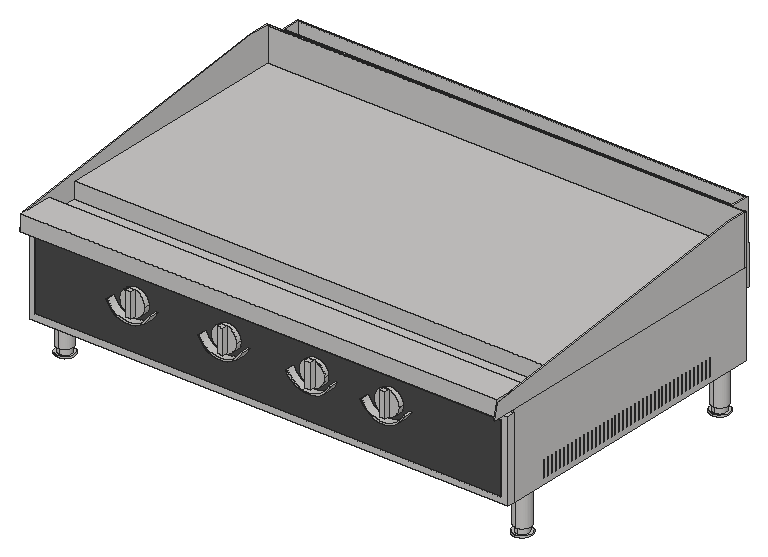
Revit family "QF_Vollrath_948GGT", category Specialty Equipment, Revit 2016
Family settings
  Part Type = Normal
  Round Connector Dimension = Use Diameter
  OmniClass Number = 23.40.40.14.17.21
  OmniClass Title = Grills
  Work Plane-Based = No
  Always vertical = Yes
  Cut with Voids When Loaded = No
  Shared = No
  Room Calculation Point = No
Parameters (values of type "948GGT")
  Width = 48.00"
  Weight in Pounds = 600
  Watermarked By = "http://revitwatermark.com"
  URL Cutsheet = ""
  URL = ""
  Status [instance] = ""
  Specification by User [instance] = ""
  Specification by Manufacturer [instance] = ""
  Serial Number [instance] = ""
  Seismic Rating [instance] = ""
  Revision Code [instance] = ""
  NAFEM Spec ID Number [instance] = ""
  Model = "948GGT"
  Mechanical Remarks [instance] = ""
  Mechanical Connection Type [instance] = ""
  Masterspec [instance] = ""
  Manufacturer = "Vollrath"
  Length = 31.00"
  Item Number [instance] = "-"
  Installed By [instance] = ""
  Height AFF [instance] = 36.00"
  Gas Size = 3/4"
  Gas RI Height [instance] = 0.00"
  Gas Input = 120000.0 Btu/h
  Gas Connection Height [instance] = Height AFF + 5.375"  # 41.375"
  Furnished By [instance] = ""
  Foodservice Equipment Identifier [instance] = yes
  Description = "Heavy-Duty Flat Top Gas Griddle Thermostatically Controlled"
  CSI MasterFormat = "11 44 00"
  Assembly Code = "E1090320"
Reference planes (in)
  plane 1: z = 0
  plane 2 "BOTTOM": z = 36
  plane 3 "LEFT CLEARANCE": x = -30.72076
  plane 4 "RIGHT CLEARANCE": x = 29.27924
  plane 5 "BACK CLEARANCE": y = 6
  plane 6 "Top of Legs": z = 40
  plane 7 "LEFT": x = -24.72076
  plane 8 "RIGHT": x = 23.27924
  plane 9 "BACK": y = 0
  plane 10: z = 39.75
  plane 11: z = 39.5
  plane 12: z = 41.5
  plane 13: y = -0.125
  plane 14: x = -24.59576
  plane 15 "Grease Trap": z = 48.38
  plane 16 "TOP": z = 53.38
  plane 17: y = -54.1
  plane 18: z = 37.04079
  plane 19: y = 1.5
  plane 20: z = 45.25
  plane 21: z = 45.4229
  plane 22: z = 50.005
  plane 23 "FRONT": y = -33
  plane 24: y = -29.62
  plane 25: y = -26.37
  plane 26: x = 23.15424
  plane 27: x = 22.53171
  plane 28: x = -0.72076
  plane 29: x = 21.9365
  plane 30: x = -0.72076
  plane 31: x = -12.72076
  plane 32: x = -6.22076
Forms (in)
  Extrusion 1, solid, material "QF_Finishes_Stainless Steel"
    sketch origin (0, -2, 36) x (0, 1, 0) y (-1, 0, 0)
      loop
        circle (-2, 23.59576) r 0.9375
    from 0 to 0.125
  Extrusion 2, solid, material "QF_Finishes_Stainless Steel"
    sketch origin (0, -2, 36) x (0, 1, 0) y (-1, 0, 0)
      loop
        circle (-2, 23.59576) r 0.625
    from 0.125 to 0.75
  Extrusion 3, solid, material "QF_Finishes_Stainless Steel"
    sketch origin (0, -2, 36) x (0, 1, 0) y (-1, 0, 0)
      loop
        circle (-2, 23.59576) r 0.8125
    from 0.75 to 4
  Extrusion 4, solid, material "QF_Finishes_Stainless Steel"
    sketch origin (33.375, -2, 36) x (0, 1, 0) y (-1, 0, 0)
      loop
        circle (-2, 11.09576) r 0.9375
    from 0 to 0.125
  Extrusion 5, solid, material "QF_Finishes_Stainless Steel"
    sketch origin (33.375, -2, 36) x (0, 1, 0) y (-1, 0, 0)
      loop
        circle (-2, 11.09576) r 0.625
    from 0.125 to 0.75
  Extrusion 6, solid, material "QF_Finishes_Stainless Steel"
    sketch origin (33.375, -2, 36) x (0, 1, 0) y (-1, 0, 0)
      loop
        circle (-2, 11.09576) r 0.8125
    from 0.75 to 4
  Extrusion 7, solid, material "QF_Finishes_Stainless Steel"
    sketch origin (33.375, -27.75, 36) x (0, 1, 0) y (-1, 0, 0)
      loop
        circle (-1, 11.09576) r 0.9375
    from 0 to 0.125
  Extrusion 8, solid, material "QF_Finishes_Stainless Steel"
    sketch origin (33.375, -27.75, 36) x (0, 1, 0) y (-1, 0, 0)
      loop
        circle (-1, 11.09576) r 0.625
    from 0.125 to 0.75
  Extrusion 9, solid, material "QF_Finishes_Stainless Steel"
    sketch origin (33.375, -27.75, 36) x (0, 1, 0) y (-1, 0, 0)
      loop
        circle (-1, 11.09576) r 0.8125
    from 0.75 to 4
  Extrusion 10, solid, material "QF_Finishes_Stainless Steel"
    sketch origin (0, -27.75, 36) x (0, 1, 0) y (-1, 0, 0)
      loop
        circle (-1, 23.59576) r 0.9375
    from 0 to 0.125
  Extrusion 11, solid, material "QF_Finishes_Stainless Steel"
    sketch origin (0, -27.75, 36) x (0, 1, 0) y (-1, 0, 0)
      loop
        circle (-1, 23.59576) r 0.625
    from 0.125 to 0.75
  Extrusion 12, solid, material "QF_Finishes_Stainless Steel"
    sketch origin (0, -27.75, 36) x (0, 1, 0) y (-1, 0, 0)
      loop
        circle (-1, 23.59576) r 0.8125
    from 0.75 to 4
  Extrusion 13, solid, material "QF_Finishes_Stainless Steel"
    sketch origin (0, -2, 36) x (0, 1, 0) y (-1, 0, 0)
      loop
        line (0, 24.72076) -> (-29.04599, 24.72076) -> (-29.04599, -23.27924) -> (0, -23.27924) -> (0, 24.72076)
    from 4 to 12.38
  Extrusion 14, solid, material "QF_Finishes_Black"
    sketch origin (0, -2, 0) x (1, 0, 0) y (0, 0, 1)
      loop
        line (-21.72076, 40) -> (-21.72076, 39.75) -> (-13.63034, 39.75) -> (-13.63034, 40) -> (-21.72076, 40)
    from 20.18353 to 29.04599
  Extrusion 15, solid, material "QF_Finishes_Clearances", detail levels coarse
    sketch origin (0, 0, 36) x (0, 1, 0) y (-1, 0, 0)
      loop
        line (6, 30.72076) -> (-33, 30.72076) -> (-33, 24.72076) -> (6, 24.72076) -> (6, 30.72076)
    from 0 to 17.38
  Extrusion 16, solid, material "QF_Finishes_Clearances", detail levels coarse
    sketch origin (0, 0, 36) x (0, 1, 0) y (-1, 0, 0)
      loop
        line (6, -23.27924) -> (-33, -23.27924) -> (-33, -29.27924) -> (6, -29.27924) -> (6, -23.27924)
    from 0 to 17.38
  Extrusion 17, solid, material "QF_Finishes_Clearances", detail levels coarse
    sketch origin (0, 0, 36) x (0, 1, 0) y (-1, 0, 0)
      loop
        line (6, 24.72076) -> (0, 24.72076) -> (0, -23.27924) -> (6, -23.27924) -> (6, 24.72076)
    from 0 to 17.38
  Extrusion 18, solid, material "QF_Finishes_Stainless Steel"
    sketch origin (3.31103, -2, 0) x (1, 0, 0) y (0, 0, 1)
      loop
        circle (2.46821, 41.5) r 0.375
    from -1.5 to 0
  Extrusion 19, solid, material "QF_Finishes_Stainless Steel"
    sketch origin (-36.59576, -2, 0) x (0, 1, 0) y (0, 0, 1)
      loop
        line (-30.61071, 49.92402) -> (-30.9385, 48.38) -> (0, 48.38) -> (0, 53.38) -> (-2.02013, 53.38) -> (-30.61071, 49.92402)
    from 11.875 to 12
  Extrusion 20, solid, material "QF_Finishes_Stainless Steel"
    sketch origin (-24.72076, -2, 0) x (0, 1, 0) y (0, 0, 1)
      loop
        line (-27.62, 48.38) -> (-27.62, 50.005) -> (-31, 50.005) -> (-31, 48.38) -> (-27.62, 48.38)
    from 0.125 to 47.875
  Extrusion 21, solid, material "QF_Finishes_Stainless Steel"
    sketch origin (0, -2, 10) x (1, 0, 0) y (0, 0, 1)
      loop
        line (-24.72076, 38.06) -> (-24.72076, 30) -> (23.27924, 30) -> (23.27924, 38.06) -> (-24.72076, 38.06)
      loop
        line (-24.21829, 37.52818) -> (-24.21829, 30.59949) -> (22.53171, 30.59949) -> (22.53171, 37.52818) -> (-24.21829, 37.52818)
    from 29.04599 to 29.79599
  Extrusion 22, solid, material "QF_Finishes_Stainless Steel"
    sketch origin (-12.72076, -2, 0) x (0, 1, 0) y (0, 0, 1)
      loop
        line (-31.04007, 49.84867) -> (-31.41648, 48.38) -> (0, 48.38) -> (0, 53.38) -> (-1.85356, 53.38) -> (-31.04007, 49.84867)
    from 35.875 to 36
  Extrusion 23, solid, material "QF_Finishes_Stainless Steel"
    sketch origin (-24.72076, -2, 0) x (0, 1, 0) y (0, 0, 1)
      loop
        line (-0.125, 53.38) -> (-0.125, 48.38) -> (0, 48.38) -> (0, 53.38) -> (-0.125, 53.38)
    from 0 to 48
  Extrusion 24, solid, material "QF_Finishes_Black"
    sketch origin (0, -2, 10) x (1, 0, 0) y (0, 0, 1)
      loop
        line (-24.21829, 37.52818) -> (-24.21829, 30.59949) -> (22.53171, 30.59949) -> (22.53171, 37.52818) -> (-24.21829, 37.52818)
      loop
        circle (-4.79502, 35.36228) r 1.25
      loop
        circle (11.45498, 35.36228) r 1.25
      loop
        circle (3.96164, 35.36228) r 1.25
      loop
        circle (-14.04502, 35.36228) r 1.25
    from 29.04599 to 29.79599
  Extrusion 25, void
    sketch origin (-24.72076, -2, 0) x (0, 1, 0) y (0, 0, 1)
      loop
        line (-25.39258, 42.24738) -> (-25.39258, 40.49738) -> (-25.14258, 40.49738) -> (-25.14258, 42.24738) -> (-25.39258, 42.24738)
      loop
        line (-24.89258, 42.24738) -> (-24.89258, 40.49738) -> (-24.64258, 40.49738) -> (-24.64258, 42.24738) -> (-24.89258, 42.24738)
      loop
        line (-24.39258, 42.24738) -> (-24.39258, 40.49738) -> (-24.14258, 40.49738) -> (-24.14258, 42.24738) -> (-24.39258, 42.24738)
      loop
        line (-23.89258, 42.24738) -> (-23.89258, 40.49738) -> (-23.64258, 40.49738) -> (-23.64258, 42.24738) -> (-23.89258, 42.24738)
      loop
        line (-23.39258, 42.24738) -> (-23.39258, 40.49738) -> (-23.14258, 40.49738) -> (-23.14258, 42.24738) -> (-23.39258, 42.24738)
      loop
        line (-22.89258, 42.24738) -> (-22.89258, 40.49738) -> (-22.64258, 40.49738) -> (-22.64258, 42.24738) -> (-22.89258, 42.24738)
      loop
        line (-22.43353, 42.24738) -> (-22.43353, 40.49738) -> (-22.18353, 40.49738) -> (-22.18353, 42.24738) -> (-22.43353, 42.24738)
      loop
        line (-21.93353, 42.24738) -> (-21.93353, 40.49738) -> (-21.68353, 40.49738) -> (-21.68353, 42.24738) -> (-21.93353, 42.24738)
      loop
        line (-21.43353, 42.24738) -> (-21.43353, 40.49738) -> (-21.18353, 40.49738) -> (-21.18353, 42.24738) -> (-21.43353, 42.24738)
      loop
        line (-20.93353, 42.24738) -> (-20.93353, 40.49738) -> (-20.68353, 40.49738) -> (-20.68353, 42.24738) -> (-20.93353, 42.24738)
      loop
        line (-20.43353, 42.24738) -> (-20.43353, 40.49738) -> (-20.18353, 40.49738) -> (-20.18353, 42.24738) -> (-20.43353, 42.24738)
      loop
        line (-19.93353, 42.24738) -> (-19.93353, 40.49738) -> (-19.68353, 40.49738) -> (-19.68353, 42.24738) -> (-19.93353, 42.24738)
      loop
        line (-19.47447, 42.24738) -> (-19.47447, 40.49738) -> (-19.22447, 40.49738) -> (-19.22447, 42.24738) -> (-19.47447, 42.24738)
      loop
        line (-18.97447, 42.24738) -> (-18.97447, 40.49738) -> (-18.72447, 40.49738) -> (-18.72447, 42.24738) -> (-18.97447, 42.24738)
      loop
        line (-18.47447, 42.24738) -> (-18.47447, 40.49738) -> (-18.22447, 40.49738) -> (-18.22447, 42.24738) -> (-18.47447, 42.24738)
      loop
        line (-17.97447, 42.24738) -> (-17.97447, 40.49738) -> (-17.72447, 40.49738) -> (-17.72447, 42.24738) -> (-17.97447, 42.24738)
      loop
        line (-17.47447, 42.24738) -> (-17.47447, 40.49738) -> (-17.22447, 40.49738) -> (-17.22447, 42.24738) -> (-17.47447, 42.24738)
      loop
        line (-16.97447, 42.24738) -> (-16.97447, 40.49738) -> (-16.72447, 40.49738) -> (-16.72447, 42.24738) -> (-16.97447, 42.24738)
      loop
        line (-16.51542, 42.24738) -> (-16.51542, 40.49738) -> (-16.26542, 40.49738) -> (-16.26542, 42.24738) -> (-16.51542, 42.24738)
      loop
        line (-16.01542, 42.24738) -> (-16.01542, 40.49738) -> (-15.76542, 40.49738) -> (-15.76542, 42.24738) -> (-16.01542, 42.24738)
      loop
        line (-15.51542, 42.24738) -> (-15.51542, 40.49738) -> (-15.26542, 40.49738) -> (-15.26542, 42.24738) -> (-15.51542, 42.24738)
      loop
        line (-15.01542, 42.24738) -> (-15.01542, 40.49738) -> (-14.76542, 40.49738) -> (-14.76542, 42.24738) -> (-15.01542, 42.24738)
      loop
        line (-14.51542, 42.24738) -> (-14.51542, 40.49738) -> (-14.26542, 40.49738) -> (-14.26542, 42.24738) -> (-14.51542, 42.24738)
      loop
        line (-14.01542, 42.24738) -> (-14.01542, 40.49738) -> (-13.76542, 40.49738) -> (-13.76542, 42.24738) -> (-14.01542, 42.24738)
      loop
        line (-13.55636, 42.24738) -> (-13.55636, 40.49738) -> (-13.30636, 40.49738) -> (-13.30636, 42.24738) -> (-13.55636, 42.24738)
      loop
        line (-13.05636, 42.24738) -> (-13.05636, 40.49738) -> (-12.80636, 40.49738) -> (-12.80636, 42.24738) -> (-13.05636, 42.24738)
      loop
        line (-12.55636, 42.24738) -> (-12.55636, 40.49738) -> (-12.30636, 40.49738) -> (-12.30636, 42.24738) -> (-12.55636, 42.24738)
      loop
        line (-12.05636, 42.24738) -> (-12.05636, 40.49738) -> (-11.80636, 40.49738) -> (-11.80636, 42.24738) -> (-12.05636, 42.24738)
      loop
        line (-11.55636, 42.24738) -> (-11.55636, 40.49738) -> (-11.30636, 40.49738) -> (-11.30636, 42.24738) -> (-11.55636, 42.24738)
      loop
        line (-11.05636, 42.24738) -> (-11.05636, 40.49738) -> (-10.80636, 40.49738) -> (-10.80636, 42.24738) -> (-11.05636, 42.24738)
      loop
        line (-10.59731, 42.24738) -> (-10.59731, 40.49738) -> (-10.34731, 40.49738) -> (-10.34731, 42.24738) -> (-10.59731, 42.24738)
      loop
        line (-10.09731, 42.24738) -> (-10.09731, 40.49738) -> (-9.84731, 40.49738) -> (-9.84731, 42.24738) -> (-10.09731, 42.24738)
      loop
        line (-9.59731, 42.24738) -> (-9.59731, 40.49738) -> (-9.34731, 40.49738) -> (-9.34731, 42.24738) -> (-9.59731, 42.24738)
      loop
        line (-9.09731, 42.24738) -> (-9.09731, 40.49738) -> (-8.84731, 40.49738) -> (-8.84731, 42.24738) -> (-9.09731, 42.24738)
      loop
        line (-8.63825, 42.24738) -> (-8.63825, 40.49738) -> (-8.38825, 40.49738) -> (-8.38825, 42.24738) -> (-8.63825, 42.24738)
      loop
        line (-8.13825, 42.24738) -> (-8.13825, 40.49738) -> (-7.88825, 40.49738) -> (-7.88825, 42.24738) -> (-8.13825, 42.24738)
      loop
        line (-7.63825, 42.24738) -> (-7.63825, 40.49738) -> (-7.38825, 40.49738) -> (-7.38825, 42.24738) -> (-7.63825, 42.24738)
      loop
        line (-7.13825, 42.24738) -> (-7.13825, 40.49738) -> (-6.88825, 40.49738) -> (-6.88825, 42.24738) -> (-7.13825, 42.24738)
      loop
        line (-6.63825, 42.24738) -> (-6.63825, 40.49738) -> (-6.38825, 40.49738) -> (-6.38825, 42.24738) -> (-6.63825, 42.24738)
      loop
        line (-6.13825, 42.24738) -> (-6.13825, 40.49738) -> (-5.88825, 40.49738) -> (-5.88825, 42.24738) -> (-6.13825, 42.24738)
      loop
        line (-5.63825, 42.24738) -> (-5.63825, 40.49738) -> (-5.38825, 40.49738) -> (-5.38825, 42.24738) -> (-5.63825, 42.24738)
      loop
        line (-5.13825, 42.24738) -> (-5.13825, 40.49738) -> (-4.88825, 40.49738) -> (-4.88825, 42.24738) -> (-5.13825, 42.24738)
      loop
        line (-4.63825, 42.24738) -> (-4.63825, 40.49738) -> (-4.38825, 40.49738) -> (-4.38825, 42.24738) -> (-4.63825, 42.24738)
    from 47.25247 to 48
  Extrusion 26, void
    sketch origin (-48.47076, -2, 0) x (0, 1, 0) y (0, 0, 1)
      loop
        line (-25.39258, 42.24738) -> (-25.39258, 40.49738) -> (-25.14258, 40.49738) -> (-25.14258, 42.24738) -> (-25.39258, 42.24738)
      loop
        line (-24.89258, 42.24738) -> (-24.89258, 40.49738) -> (-24.64258, 40.49738) -> (-24.64258, 42.24738) -> (-24.89258, 42.24738)
      loop
        line (-24.39258, 42.24738) -> (-24.39258, 40.49738) -> (-24.14258, 40.49738) -> (-24.14258, 42.24738) -> (-24.39258, 42.24738)
      loop
        line (-23.89258, 42.24738) -> (-23.89258, 40.49738) -> (-23.64258, 40.49738) -> (-23.64258, 42.24738) -> (-23.89258, 42.24738)
      loop
        line (-23.39258, 42.24738) -> (-23.39258, 40.49738) -> (-23.14258, 40.49738) -> (-23.14258, 42.24738) -> (-23.39258, 42.24738)
      loop
        line (-22.89258, 42.24738) -> (-22.89258, 40.49738) -> (-22.64258, 40.49738) -> (-22.64258, 42.24738) -> (-22.89258, 42.24738)
      loop
        line (-22.43353, 42.24738) -> (-22.43353, 40.49738) -> (-22.18353, 40.49738) -> (-22.18353, 42.24738) -> (-22.43353, 42.24738)
      loop
        line (-21.93353, 42.24738) -> (-21.93353, 40.49738) -> (-21.68353, 40.49738) -> (-21.68353, 42.24738) -> (-21.93353, 42.24738)
      loop
        line (-21.43353, 42.24738) -> (-21.43353, 40.49738) -> (-21.18353, 40.49738) -> (-21.18353, 42.24738) -> (-21.43353, 42.24738)
      loop
        line (-20.93353, 42.24738) -> (-20.93353, 40.49738) -> (-20.68353, 40.49738) -> (-20.68353, 42.24738) -> (-20.93353, 42.24738)
      loop
        line (-20.43353, 42.24738) -> (-20.43353, 40.49738) -> (-20.18353, 40.49738) -> (-20.18353, 42.24738) -> (-20.43353, 42.24738)
      loop
        line (-19.93353, 42.24738) -> (-19.93353, 40.49738) -> (-19.68353, 40.49738) -> (-19.68353, 42.24738) -> (-19.93353, 42.24738)
      loop
        line (-19.47447, 42.24738) -> (-19.47447, 40.49738) -> (-19.22447, 40.49738) -> (-19.22447, 42.24738) -> (-19.47447, 42.24738)
      loop
        line (-18.97447, 42.24738) -> (-18.97447, 40.49738) -> (-18.72447, 40.49738) -> (-18.72447, 42.24738) -> (-18.97447, 42.24738)
      loop
        line (-18.47447, 42.24738) -> (-18.47447, 40.49738) -> (-18.22447, 40.49738) -> (-18.22447, 42.24738) -> (-18.47447, 42.24738)
      loop
        line (-17.97447, 42.24738) -> (-17.97447, 40.49738) -> (-17.72447, 40.49738) -> (-17.72447, 42.24738) -> (-17.97447, 42.24738)
      loop
        line (-17.47447, 42.24738) -> (-17.47447, 40.49738) -> (-17.22447, 40.49738) -> (-17.22447, 42.24738) -> (-17.47447, 42.24738)
      loop
        line (-16.97447, 42.24738) -> (-16.97447, 40.49738) -> (-16.72447, 40.49738) -> (-16.72447, 42.24738) -> (-16.97447, 42.24738)
      loop
        line (-16.51542, 42.24738) -> (-16.51542, 40.49738) -> (-16.26542, 40.49738) -> (-16.26542, 42.24738) -> (-16.51542, 42.24738)
      loop
        line (-16.01542, 42.24738) -> (-16.01542, 40.49738) -> (-15.76542, 40.49738) -> (-15.76542, 42.24738) -> (-16.01542, 42.24738)
      loop
        line (-15.51542, 42.24738) -> (-15.51542, 40.49738) -> (-15.26542, 40.49738) -> (-15.26542, 42.24738) -> (-15.51542, 42.24738)
      loop
        line (-15.01542, 42.24738) -> (-15.01542, 40.49738) -> (-14.76542, 40.49738) -> (-14.76542, 42.24738) -> (-15.01542, 42.24738)
      loop
        line (-14.51542, 42.24738) -> (-14.51542, 40.49738) -> (-14.26542, 40.49738) -> (-14.26542, 42.24738) -> (-14.51542, 42.24738)
      loop
        line (-14.01542, 42.24738) -> (-14.01542, 40.49738) -> (-13.76542, 40.49738) -> (-13.76542, 42.24738) -> (-14.01542, 42.24738)
      loop
        line (-13.55636, 42.24738) -> (-13.55636, 40.49738) -> (-13.30636, 40.49738) -> (-13.30636, 42.24738) -> (-13.55636, 42.24738)
      loop
        line (-13.05636, 42.24738) -> (-13.05636, 40.49738) -> (-12.80636, 40.49738) -> (-12.80636, 42.24738) -> (-13.05636, 42.24738)
      loop
        line (-12.55636, 42.24738) -> (-12.55636, 40.49738) -> (-12.30636, 40.49738) -> (-12.30636, 42.24738) -> (-12.55636, 42.24738)
      loop
        line (-12.05636, 42.24738) -> (-12.05636, 40.49738) -> (-11.80636, 40.49738) -> (-11.80636, 42.24738) -> (-12.05636, 42.24738)
      loop
        line (-11.55636, 42.24738) -> (-11.55636, 40.49738) -> (-11.30636, 40.49738) -> (-11.30636, 42.24738) -> (-11.55636, 42.24738)
      loop
        line (-11.05636, 42.24738) -> (-11.05636, 40.49738) -> (-10.80636, 40.49738) -> (-10.80636, 42.24738) -> (-11.05636, 42.24738)
      loop
        line (-10.59731, 42.24738) -> (-10.59731, 40.49738) -> (-10.34731, 40.49738) -> (-10.34731, 42.24738) -> (-10.59731, 42.24738)
      loop
        line (-10.13825, 42.24738) -> (-10.13825, 40.49738) -> (-9.88825, 40.49738) -> (-9.88825, 42.24738) -> (-10.13825, 42.24738)
      loop
        line (-9.63825, 42.24738) -> (-9.63825, 40.49738) -> (-9.38825, 40.49738) -> (-9.38825, 42.24738) -> (-9.63825, 42.24738)
      loop
        line (-9.13825, 42.24738) -> (-9.13825, 40.49738) -> (-8.88825, 40.49738) -> (-8.88825, 42.24738) -> (-9.13825, 42.24738)
      loop
        line (-8.63825, 42.24738) -> (-8.63825, 40.49738) -> (-8.38825, 40.49738) -> (-8.38825, 42.24738) -> (-8.63825, 42.24738)
      loop
        line (-8.13825, 42.24738) -> (-8.13825, 40.49738) -> (-7.88825, 40.49738) -> (-7.88825, 42.24738) -> (-8.13825, 42.24738)
      loop
        line (-7.63825, 42.24738) -> (-7.63825, 40.49738) -> (-7.38825, 40.49738) -> (-7.38825, 42.24738) -> (-7.63825, 42.24738)
      loop
        line (-7.1792, 42.24738) -> (-7.1792, 40.49738) -> (-6.9292, 40.49738) -> (-6.9292, 42.24738) -> (-7.1792, 42.24738)
      loop
        line (-6.6792, 42.24738) -> (-6.6792, 40.49738) -> (-6.4292, 40.49738) -> (-6.4292, 42.24738) -> (-6.6792, 42.24738)
      loop
        line (-6.1792, 42.24738) -> (-6.1792, 40.49738) -> (-5.9292, 40.49738) -> (-5.9292, 42.24738) -> (-6.1792, 42.24738)
      loop
        line (-5.6792, 42.24738) -> (-5.6792, 40.49738) -> (-5.4292, 40.49738) -> (-5.4292, 42.24738) -> (-5.6792, 42.24738)
      loop
        line (-5.1792, 42.24738) -> (-5.1792, 40.49738) -> (-4.9292, 40.49738) -> (-4.9292, 42.24738) -> (-5.1792, 42.24738)
      loop
        line (-4.6792, 42.24738) -> (-4.6792, 40.49738) -> (-4.4292, 40.49738) -> (-4.4292, 42.24738) -> (-4.6792, 42.24738)
    from 23.67052 to 24
  Extrusion 27, solid, material "QF_Finishes_Stainless Steel"
    sketch origin (17, -6, 0) x (1, 0, 0) y (0, 0, 1)
      loop
        circle (-21.79502, 45.36228) r 1.25
    from 25.04599 to 26.25
  Extrusion 28, solid, material "QF_Finishes_Stainless Steel"
    sketch origin (17, -6, 0.03961) x (1, 0, 0) y (0, 0, 1)
      loop
        line (-22.10719, 46.57267) -> (-22.10719, 44.14715) -> (-21.55452, 44.14715) -> (-21.55452, 46.57267) -> (-22.10719, 46.57267)
    from 26.25 to 26.75
  Extrusion 29, solid, material "QF_Finishes_Stainless Steel"
    sketch origin (25.79249, -6, 0) x (1, 0, 0) y (0, 0, 1)
      loop
        circle (-21.79502, 45.36228) r 1.25
    from 25.04599 to 26.25
  Extrusion 30, solid, material "QF_Finishes_Stainless Steel"
    sketch origin (25.79249, -6, 0.03961) x (1, 0, 0) y (0, 0, 1)
      loop
        line (-22.10719, 46.57267) -> (-22.10719, 44.14715) -> (-21.55452, 44.14715) -> (-21.55452, 46.57267) -> (-22.10719, 46.57267)
    from 26.25 to 26.75
  Extrusion 31, solid, material "QF_Finishes_Stainless Steel", not visible
    sketch origin (0, 0, 0.25) x (1, 0, 0) y (0, 0, 1)
      loop
        circle (-24.02485, 46.05421) r 0.25
    from 0.125 to 25.04599
  Extrusion 32, solid, material "QF_Finishes_Stainless Steel", not visible
    sketch origin (0.8089, 0, 0.25) x (1, 0, 0) y (0, 0, 1)
      loop
        circle (-24.02485, 46.05421) r 0.25
    from 0.125 to 25.04599
  Extrusion 33, solid, material "QF_Finishes_Stainless Steel", not visible
    sketch origin (1.62977, 0, 0.25) x (1, 0, 0) y (0, 0, 1)
      loop
        circle (-24.02485, 46.05421) r 0.25
    from 0.24473 to 25.25
  Extrusion 34, solid, material "QF_Finishes_Stainless Steel", not visible
    sketch origin (2.43868, 0, 0.25) x (1, 0, 0) y (0, 0, 1)
      loop
        circle (-24.02485, 46.05421) r 0.25
    from 0.24473 to 25.04599
  Extrusion 35, solid, material "QF_Finishes_Stainless Steel", not visible
    sketch origin (3.25954, 0, 0.25) x (1, 0, 0) y (0, 0, 1)
      loop
        circle (-24.02485, 46.05421) r 0.25
    from 0.24473 to 25.04599
  Extrusion 36, solid, material "QF_Finishes_Stainless Steel", not visible
    sketch origin (4.06845, 0, 0.25) x (1, 0, 0) y (0, 0, 1)
      loop
        circle (-24.02485, 46.05421) r 0.25
    from 0.125 to 25.75
  Extrusion 37, solid, material "QF_Finishes_Stainless Steel", not visible
    sketch origin (4.88932, 0, 0.25) x (1, 0, 0) y (0, 0, 1)
      loop
        circle (-24.02485, 46.05421) r 0.25
    from 0.125 to 25.04599
  Extrusion 38, solid, material "QF_Finishes_Stainless Steel", not visible
    sketch origin (5.69822, 0, 0.25) x (1, 0, 0) y (0, 0, 1)
      loop
        circle (-24.02485, 46.05421) r 0.25
    from 0.125 to 25.75
  Extrusion 39, solid, material "QF_Finishes_Stainless Steel", not visible
    sketch origin (6.51909, 0, 0.25) x (1, 0, 0) y (0, 0, 1)
      loop
        circle (-24.02485, 46.05421) r 0.25
    from 0.125 to 25.04599
  Extrusion 40, solid, material "QF_Finishes_Stainless Steel", not visible
    sketch origin (7.32799, 0, 0.25) x (1, 0, 0) y (0, 0, 1)
      loop
        circle (-24.02485, 46.05421) r 0.25
    from 0 to 25.04599
  Extrusion 41, solid, material "QF_Finishes_Stainless Steel", not visible
    sketch origin (8.14886, 0, 0.25) x (1, 0, 0) y (0, 0, 1)
      loop
        circle (-24.02485, 46.05421) r 0.25
    from 0 to 25.04599
  Extrusion 42, solid, material "QF_Finishes_Stainless Steel", not visible
    sketch origin (8.95777, 0, 0.25) x (1, 0, 0) y (0, 0, 1)
      loop
        circle (-24.02485, 46.05421) r 0.25
    from 0 to 25.04599
  Extrusion 43, solid, material "QF_Finishes_Stainless Steel", not visible
    sketch origin (9.76477, 0, 0.25) x (1, 0, 0) y (0, 0, 1)
      loop
        circle (-24.02485, 46.05421) r 0.25
    from 0 to 25.04599
  Extrusion 44, solid, material "QF_Finishes_Stainless Steel", not visible
    sketch origin (10.57367, 0, 0.25) x (1, 0, 0) y (0, 0, 1)
      loop
        circle (-24.02485, 46.05421) r 0.25
    from 0 to 25.04599
  Extrusion 45, solid, material "QF_Finishes_Stainless Steel", not visible
    sketch origin (11.39454, 0, 0.25) x (1, 0, 0) y (0, 0, 1)
      loop
        circle (-24.02485, 46.05421) r 0.25
    from 0 to 25.04599
  Extrusion 46, solid, material "QF_Finishes_Stainless Steel", not visible
    sketch origin (12.26638, 0, 0.25) x (1, 0, 0) y (0, 0, 1)
      loop
        circle (-24.02485, 46.05421) r 0.25
    from 0 to 25.04599
  Extrusion 47, solid, material "QF_Finishes_Stainless Steel", not visible
    sketch origin (13.08724, 0, 0.25) x (1, 0, 0) y (0, 0, 1)
      loop
        circle (-24.02485, 46.05421) r 0.25
    from 0 to 25.04599
  Extrusion 48, solid, material "QF_Finishes_Stainless Steel", not visible
    sketch origin (13.89615, 0, 0.25) x (1, 0, 0) y (0, 0, 1)
      loop
        circle (-24.02485, 46.05421) r 0.25
    from 0 to 25.04599
  Extrusion 49, solid, material "QF_Finishes_Stainless Steel", not visible
    sketch origin (15.40006, 0, 0.25) x (1, 0, 0) y (0, 0, 1)
      loop
        circle (-30.52485, 46.05421) r 0.25
    from 0 to 25.04599
  Extrusion 50, solid, material "QF_Finishes_Stainless Steel", not visible
    sketch origin (16.22092, 0, 0.25) x (1, 0, 0) y (0, 0, 1)
      loop
        circle (-30.52485, 46.05421) r 0.25
    from 0 to 25.25
  Extrusion 51, solid, material "QF_Finishes_Stainless Steel", not visible
    sketch origin (17.09276, 0, 0.25) x (1, 0, 0) y (0, 0, 1)
      loop
        circle (-30.52485, 46.05421) r 0.25
    from 0 to 25.04599
  Extrusion 52, solid, material "QF_Finishes_Stainless Steel", not visible
    sketch origin (17.91363, 0, 0.25) x (1, 0, 0) y (0, 0, 1)
      loop
        circle (-30.52485, 46.05421) r 0.25
    from 0 to 25.04599
  Extrusion 53, solid, material "QF_Finishes_Stainless Steel", not visible
    sketch origin (18.72253, 0, 0.25) x (1, 0, 0) y (0, 0, 1)
      loop
        circle (-30.52485, 46.05421) r 0.25
    from 0 to 25.04599
  Extrusion 54, solid, material "QF_Finishes_Stainless Steel", not visible
    sketch origin (19.5434, 0, 0.25) x (1, 0, 0) y (0, 0, 1)
      loop
        circle (-30.52485, 46.05421) r 0.25
    from 0 to 25.04599
  Extrusion 55, solid, material "QF_Finishes_Stainless Steel", not visible
    sketch origin (20.3523, 0, 0.25) x (1, 0, 0) y (0, 0, 1)
      loop
        circle (-30.52485, 46.05421) r 0.25
    from 0 to 25.04599
  Extrusion 56, solid, material "QF_Finishes_Stainless Steel", not visible
    sketch origin (21.17317, 0, 0.25) x (1, 0, 0) y (0, 0, 1)
      loop
        circle (-30.52485, 46.05421) r 0.25
    from 0 to 25.04599
  Extrusion 57, solid, material "QF_Finishes_Stainless Steel", not visible
    sketch origin (21.98208, 0, 0.25) x (1, 0, 0) y (0, 0, 1)
      loop
        circle (-30.52485, 46.05421) r 0.25
    from 0 to 25.04599
  Extrusion 58, solid, material "QF_Finishes_Stainless Steel", not visible
    sketch origin (22.80294, 0, 0.25) x (1, 0, 0) y (0, 0, 1)
      loop
        circle (-30.52485, 46.05421) r 0.25
    from 0 to 25.25
  Extrusion 59, solid, material "QF_Finishes_Stainless Steel", not visible
    sketch origin (23.61185, 0, 0.25) x (1, 0, 0) y (0, 0, 1)
      loop
        circle (-30.52485, 46.05421) r 0.25
    from 0 to 25.04599
  Extrusion 60, solid, material "QF_Finishes_Stainless Steel", not visible
    sketch origin (24.43272, 0, 0.25) x (1, 0, 0) y (0, 0, 1)
      loop
        circle (-30.52485, 46.05421) r 0.25
    from 0 to 25.04599
  Extrusion 61, solid, material "QF_Finishes_Stainless Steel", not visible
    sketch origin (25.24162, 0, 0.25) x (1, 0, 0) y (0, 0, 1)
      loop
        circle (-30.52485, 46.05421) r 0.25
    from 0 to 25.75
  Extrusion 62, solid, material "QF_Finishes_Stainless Steel", not visible
    sketch origin (26.06249, 0, 0.25) x (1, 0, 0) y (0, 0, 1)
      loop
        circle (-30.52485, 46.05421) r 0.25
    from 0 to 25.04599
  Extrusion 63, solid, material "QF_Finishes_Stainless Steel", not visible
    sketch origin (32.58158, 0, 0.25) x (1, 0, 0) y (0, 0, 1)
      loop
        circle (-36.02485, 46.05421) r 0.25
    from 0 to 25.04599
  Extrusion 64, solid, material "QF_Finishes_Stainless Steel", not visible
    sketch origin (33.40244, 0, 0.25) x (1, 0, 0) y (0, 0, 1)
      loop
        circle (-36.02485, 46.05421) r 0.25
    from 0 to 25.04599
  Extrusion 65, solid, material "QF_Finishes_Stainless Steel", not visible
    sketch origin (34.21135, 0, 0.25) x (1, 0, 0) y (0, 0, 1)
      loop
        circle (-36.02485, 46.05421) r 0.25
    from 0 to 25.75
  Sweep 66, solid, material "QF_Finishes_Stainless Steel"
    path origin (15.25, -32.63083, 0) x (1, 0, 0) y (0, 0, 1)
      loop
        arc (-22.40972, 45.02818) -> (-20.15972, 43.59334) -> (-17.90972, 45.02818) r 2.48155
    profile origin (-4.90972, -32.63083, 43.59334) x (0, 0, 1) y (0, -1, 0)
      loop
        line (0, 0) -> (0, -0.83484) -> (0.14592, -0.83484) -> (0.14592, 0) -> (0, 0)
  Sweep 67, solid, material "QF_Finishes_Stainless Steel"
    path origin (24.04249, -32.63083, 0) x (1, 0, 0) y (0, 0, 1)
      loop
        arc (-22.40972, 45.02818) -> (-20.15972, 43.59334) -> (-17.90972, 45.02818) r 2.48155
    profile origin (3.88277, -32.63083, 43.59334) x (0, 0, 1) y (0, -1, 0)
      loop
        line (0, 0) -> (0, -0.83484) -> (0.14592, -0.83484) -> (0.14592, 0) -> (0, 0)
  Extrusion 68, solid, material "QF_Finishes_Stainless Steel"
    sketch origin (0, 0, 36) x (0, 1, 0) y (-1, 0, 0)
      loop
        line (0, 23.22076) -> (-2, 23.22076) -> (-2, -21.9365) -> (0, -21.9365) -> (0, 23.22076)
      loop
        line (-0.125, 23.09841) -> (-1.85689, 23.09841) -> (-1.85689, -21.77924) -> (-0.125, -21.77924) -> (-0.125, 23.09841)
    from 9.4229 to 17.38
  Extrusion 69, solid, material "QF_Finishes_Stainless Steel"
    sketch origin (0, 0, 36) x (0, 1, 0) y (-1, 0, 0)
      loop
        line (0, 23.22076) -> (-2, 23.22076) -> (-2, -21.9365) -> (0, -21.9365) -> (0, 23.22076)
    from 9.25 to 9.4229
  Extrusion 70, solid, material "QF_Finishes_Stainless Steel"
    sketch origin (-24.72076, 0, 0) x (0, 1, 0) y (0, 0, 1)
      loop
        line (-26.37, 50.005) -> (-26.37, 48.38) -> (-2.125, 48.38) -> (-2.125, 50.005) -> (-26.37, 50.005)
    from 0.125 to 47.875
  Extrusion 71, solid, material "QF_Finishes_Stainless Steel", not visible
    sketch origin (0.5, -6, 0) x (1, 0, 0) y (0, 0, 1)
      loop
        circle (-21.79502, 45.36228) r 1.25
    from 25.04599 to 26.25
  Extrusion 72, solid, material "QF_Finishes_Stainless Steel", not visible
    sketch origin (0.5, -6, 0.03961) x (1, 0, 0) y (0, 0, 1)
      loop
        line (-22.10719, 46.57267) -> (-22.10719, 44.14715) -> (-21.55452, 44.14715) -> (-21.55452, 46.57267) -> (-22.10719, 46.57267)
    from 26.25 to 26.75
  Extrusion 73, solid, material "QF_Finishes_Stainless Steel", not visible
    sketch origin (16.5, -6, 0) x (1, 0, 0) y (0, 0, 1)
      loop
        circle (-21.79502, 45.36228) r 1.25
    from 25.04599 to 26.25
  Extrusion 74, solid, material "QF_Finishes_Stainless Steel", not visible
    sketch origin (16.5, -6, 0.03961) x (1, 0, 0) y (0, 0, 1)
      loop
        line (-22.10719, 46.57267) -> (-22.10719, 44.14715) -> (-21.55452, 44.14715) -> (-21.55452, 46.57267) -> (-22.10719, 46.57267)
    from 26.25 to 26.75
  Sweep 75, solid, material "QF_Finishes_Stainless Steel", not visible
    path origin (-1.25, -32.63083, 0) x (1, 0, 0) y (0, 0, 1)
      loop
        arc (-22.40972, 45.02818) -> (-20.15972, 43.59334) -> (-17.90972, 45.02818) r 2.48155
    profile origin (-21.40972, -32.63083, 43.59334) x (0, 0, 1) y (0, -1, 0)
      loop
        line (0, 0) -> (0, -0.83484) -> (0.14592, -0.83484) -> (0.14592, 0) -> (0, 0)
  Sweep 76, solid, material "QF_Finishes_Stainless Steel", not visible
    path origin (14.75, -32.63083, 0) x (1, 0, 0) y (0, 0, 1)
      loop
        arc (-22.40972, 45.02818) -> (-20.15972, 43.59334) -> (-17.90972, 45.02818) r 2.48155
    profile origin (-5.40972, -32.63083, 43.59334) x (0, 0, 1) y (0, -1, 0)
      loop
        line (0, 0) -> (0, -0.83484) -> (0.14592, -0.83484) -> (0.14592, 0) -> (0, 0)
  Extrusion 77, solid, material "QF_Finishes_Black"
    sketch origin (-24.72076, 0, 0) x (0, 1, 0) y (0, 0, 1)
      loop
        line (-22.18353, 39.75) -> (-31.06225, 39.75) -> (-31.06225, 39.5) -> (-22.18353, 39.5) -> (-22.18353, 39.75)
    from 3 to 11.09041
  Extrusion 78, solid, material "QF_Finishes_Stainless Steel"
    sketch origin (7.78584, -6, 0) x (1, 0, 0) y (0, 0, 1)
      loop
        circle (-21.79502, 45.36228) r 1.25
    from 25.04599 to 26.25
  Extrusion 79, solid, material "QF_Finishes_Stainless Steel"
    sketch origin (7.78584, -6, 0.03961) x (1, 0, 0) y (0, 0, 1)
      loop
        line (-22.10719, 46.57267) -> (-22.10719, 44.14715) -> (-21.55452, 44.14715) -> (-21.55452, 46.57267) -> (-22.10719, 46.57267)
    from 26.25 to 26.75
  Sweep 80, solid, material "QF_Finishes_Stainless Steel"
    path origin (6.03584, -32.63083, 0) x (1, 0, 0) y (0, 0, 1)
      loop
        arc (-22.40972, 45.02818) -> (-20.15972, 43.59334) -> (-17.90972, 45.02818) r 2.48155
    profile origin (-14.12389, -32.63083, 43.59334) x (0, 0, 1) y (0, -1, 0)
      loop
        line (0, 0) -> (0, -0.83484) -> (0.14592, -0.83484) -> (0.14592, 0) -> (0, 0)
  Extrusion 81, solid, material "QF_Finishes_Stainless Steel", not visible
    sketch origin (21.04249, -6, 0) x (1, 0, 0) y (0, 0, 1)
      loop
        circle (-21.79502, 45.36228) r 1.25
    from 25.04599 to 26.25
  Extrusion 82, solid, material "QF_Finishes_Stainless Steel", not visible
    sketch origin (21.04249, -6, 0.03961) x (1, 0, 0) y (0, 0, 1)
      loop
        line (-22.10719, 46.57267) -> (-22.10719, 44.14715) -> (-21.55452, 44.14715) -> (-21.55452, 46.57267) -> (-22.10719, 46.57267)
    from 26.25 to 26.75
  Extrusion 83, solid, material "QF_Finishes_Stainless Steel", not visible
    sketch origin (28.5, -6, 0) x (1, 0, 0) y (0, 0, 1)
      loop
        circle (-21.79502, 45.36228) r 1.25
    from 25.04599 to 26.25
  Extrusion 84, solid, material "QF_Finishes_Stainless Steel", not visible
    sketch origin (28.5, -6, 0.03961) x (1, 0, 0) y (0, 0, 1)
      loop
        line (-22.10719, 46.57267) -> (-22.10719, 44.14715) -> (-21.55452, 44.14715) -> (-21.55452, 46.57267) -> (-22.10719, 46.57267)
    from 26.25 to 26.75
  Sweep 85, solid, material "QF_Finishes_Stainless Steel", not visible
    path origin (19.29249, -32.63083, 0) x (1, 0, 0) y (0, 0, 1)
      loop
        arc (-22.40972, 45.02818) -> (-20.15972, 43.59334) -> (-17.90972, 45.02818) r 2.48155
    profile origin (-0.86723, -32.63083, 43.59334) x (0, 0, 1) y (0, -1, 0)
      loop
        line (0, 0) -> (0, -0.83484) -> (0.14592, -0.83484) -> (0.14592, 0) -> (0, 0)
  Sweep 86, solid, material "QF_Finishes_Stainless Steel", not visible
    path origin (26.75, -32.63083, 0) x (1, 0, 0) y (0, 0, 1)
      loop
        arc (-22.40972, 45.02818) -> (-20.15972, 43.59334) -> (-17.90972, 45.02818) r 2.48155
    profile origin (6.59028, -32.63083, 43.59334) x (0, 0, 1) y (0, -1, 0)
      loop
        line (0, 0) -> (0, -0.83484) -> (0.14592, -0.83484) -> (0.14592, 0) -> (0, 0)
  Extrusion 87, solid, material "QF_Finishes_Stainless Steel", not visible
    sketch origin (12.53584, -6, 0) x (1, 0, 0) y (0, 0, 1)
      loop
        circle (-21.79502, 45.36228) r 1.25
    from 25.04599 to 26.25
  Extrusion 88, solid, material "QF_Finishes_Stainless Steel", not visible
    sketch origin (12.53584, -6, 0.03961) x (1, 0, 0) y (0, 0, 1)
      loop
        line (-22.10719, 46.57267) -> (-22.10719, 44.14715) -> (-21.55452, 44.14715) -> (-21.55452, 46.57267) -> (-22.10719, 46.57267)
    from 26.25 to 26.75
  Sweep 89, solid, material "QF_Finishes_Stainless Steel", not visible
    path origin (10.78584, -32.63083, 0) x (1, 0, 0) y (0, 0, 1)
      loop
        arc (-22.40972, 45.02818) -> (-20.15972, 43.59334) -> (-17.90972, 45.02818) r 2.48155
    profile origin (-9.37389, -32.63083, 43.59334) x (0, 0, 1) y (0, -1, 0)
      loop
        line (0, 0) -> (0, -0.83484) -> (0.14592, -0.83484) -> (0.14592, 0) -> (0, 0)
  Extrusion 90, solid, material "QF_Finishes_Stainless Steel"
    sketch origin (33.28584, -6, 0) x (1, 0, 0) y (0, 0, 1)
      loop
        circle (-21.79502, 45.36228) r 1.25
    from 25.04599 to 26.25
  Extrusion 91, solid, material "QF_Finishes_Stainless Steel"
    sketch origin (33.28584, -6, 0.03961) x (1, 0, 0) y (0, 0, 1)
      loop
        line (-22.10719, 46.57267) -> (-22.10719, 44.14715) -> (-21.55452, 44.14715) -> (-21.55452, 46.57267) -> (-22.10719, 46.57267)
    from 26.25 to 26.75
  Sweep 92, solid, material "QF_Finishes_Stainless Steel"
    path origin (31.53584, -32.63083, 0) x (1, 0, 0) y (0, 0, 1)
      loop
        arc (-22.40972, 45.02818) -> (-20.15972, 43.59334) -> (-17.90972, 45.02818) r 2.48155
    profile origin (11.37611, -32.63083, 43.59334) x (0, 0, 1) y (0, -1, 0)
      loop
        line (0, 0) -> (0, -0.83484) -> (0.14592, -0.83484) -> (0.14592, 0) -> (0, 0)
  Extrusion 93, solid, material "QF_Finishes_Stainless Steel", not visible
    sketch origin (17, -6, 0) x (1, 0, 0) y (0, 0, 1)
      loop
        circle (-21.79502, 45.36228) r 1.25
    from 25.04599 to 26.25
  Extrusion 94, solid, material "QF_Finishes_Stainless Steel", not visible
    sketch origin (17, -6, 0.03961) x (1, 0, 0) y (0, 0, 1)
      loop
        line (-22.10719, 46.57267) -> (-22.10719, 44.14715) -> (-21.55452, 44.14715) -> (-21.55452, 46.57267) -> (-22.10719, 46.57267)
    from 26.25 to 26.75
  Extrusion 95, solid, material "QF_Finishes_Stainless Steel", not visible
    sketch origin (25.79249, -6, 0) x (1, 0, 0) y (0, 0, 1)
      loop
        circle (-21.79502, 45.36228) r 1.25
    from 25.04599 to 26.25
  Extrusion 96, solid, material "QF_Finishes_Stainless Steel", not visible
    sketch origin (25.79249, -6, 0.03961) x (1, 0, 0) y (0, 0, 1)
      loop
        line (-22.10719, 46.57267) -> (-22.10719, 44.14715) -> (-21.55452, 44.14715) -> (-21.55452, 46.57267) -> (-22.10719, 46.57267)
    from 26.25 to 26.75
  Sweep 97, solid, material "QF_Finishes_Stainless Steel", not visible
    path origin (15.25, -32.63083, 0) x (1, 0, 0) y (0, 0, 1)
      loop
        arc (-22.40972, 45.02818) -> (-20.15972, 43.59334) -> (-17.90972, 45.02818) r 2.48155
    profile origin (-4.90972, -32.63083, 43.59334) x (0, 0, 1) y (0, -1, 0)
      loop
        line (0, 0) -> (0, -0.83484) -> (0.14592, -0.83484) -> (0.14592, 0) -> (0, 0)
  Sweep 98, solid, material "QF_Finishes_Stainless Steel", not visible
    path origin (24.04249, -32.63083, 0) x (1, 0, 0) y (0, 0, 1)
      loop
        arc (-22.40972, 45.02818) -> (-20.15972, 43.59334) -> (-17.90972, 45.02818) r 2.48155
    profile origin (3.88277, -32.63083, 43.59334) x (0, 0, 1) y (0, -1, 0)
      loop
        line (0, 0) -> (0, -0.83484) -> (0.14592, -0.83484) -> (0.14592, 0) -> (0, 0)
  Extrusion 99, solid, material "QF_Finishes_Stainless Steel", not visible
    sketch origin (7.78584, -6, 0) x (1, 0, 0) y (0, 0, 1)
      loop
        circle (-21.79502, 45.36228) r 1.25
    from 25.04599 to 26.25
  Extrusion 100, solid, material "QF_Finishes_Stainless Steel", not visible
    sketch origin (7.78584, -6, 0.03961) x (1, 0, 0) y (0, 0, 1)
      loop
        line (-22.10719, 46.57267) -> (-22.10719, 44.14715) -> (-21.55452, 44.14715) -> (-21.55452, 46.57267) -> (-22.10719, 46.57267)
    from 26.25 to 26.75
  Sweep 101, solid, material "QF_Finishes_Stainless Steel", not visible
    path origin (6.03584, -32.63083, 0) x (1, 0, 0) y (0, 0, 1)
      loop
        arc (-22.40972, 45.02818) -> (-20.15972, 43.59334) -> (-17.90972, 45.02818) r 2.48155
    profile origin (-14.12389, -32.63083, 43.59334) x (0, 0, 1) y (0, -1, 0)
      loop
        line (0, 0) -> (0, -0.83484) -> (0.14592, -0.83484) -> (0.14592, 0) -> (0, 0)
  Extrusion 102, solid, material "QF_Finishes_Stainless Steel", not visible
    sketch origin (33.28584, -6, 0) x (1, 0, 0) y (0, 0, 1)
      loop
        circle (-21.79502, 45.36228) r 1.25
    from 25.04599 to 26.25
  Extrusion 103, solid, material "QF_Finishes_Stainless Steel", not visible
    sketch origin (33.28584, -6, 0.03961) x (1, 0, 0) y (0, 0, 1)
      loop
        line (-22.10719, 46.57267) -> (-22.10719, 44.14715) -> (-21.55452, 44.14715) -> (-21.55452, 46.57267) -> (-22.10719, 46.57267)
    from 26.25 to 26.75
  Sweep 104, solid, material "QF_Finishes_Stainless Steel", not visible
    path origin (31.53584, -32.63083, 0) x (1, 0, 0) y (0, 0, 1)
      loop
        arc (-22.40972, 45.02818) -> (-20.15972, 43.59334) -> (-17.90972, 45.02818) r 2.48155
    profile origin (11.37611, -32.63083, 43.59334) x (0, 0, 1) y (0, -1, 0)
      loop
        line (0, 0) -> (0, -0.83484) -> (0.14592, -0.83484) -> (0.14592, 0) -> (0, 0)
  Extrusion 105, solid, material "QF_Finishes_Stainless Steel", not visible
    sketch origin (0, -2, 10) x (1, 0, 0) y (0, 0, 1)
      loop
        line (-24.72076, 38.06) -> (-24.72076, 30) -> (23.27924, 30) -> (23.27924, 38.06) -> (-24.72076, 38.06)
      loop
        line (-24.21829, 37.52818) -> (-24.21829, 30.59949) -> (22.53171, 30.59949) -> (22.53171, 37.52818) -> (-24.21829, 37.52818)
    from 29.04599 to 29.79599
  Extrusion 106, solid, material "QF_Finishes_Black", not visible
    sketch origin (0, -2, 10) x (1, 0, 0) y (0, 0, 1)
      loop
        line (-24.21829, 37.52818) -> (-24.21829, 30.59949) -> (22.53171, 30.59949) -> (22.53171, 37.52818) -> (-24.21829, 37.52818)
      loop
        circle (-4.79502, 35.36228) r 1.25
      loop
        circle (11.45498, 35.36228) r 1.25
      loop
        circle (3.96164, 35.36228) r 1.25
      loop
        circle (-14.04502, 35.36228) r 1.25
    from 29.04599 to 29.79599
Cuts and joins
  Extrusion 25, Extrusion 26 cuts Extrusion 13
  Extrusion 25 cuts Extrusion 15
  Extrusion 26 cuts Extrusion 16
  joined: Extrusion 68, Extrusion 69
Lines and regions (in)
  symbolic lines, style "QF_Clearances", detail levels coarse
    curve 1: line (-30.72076, -31, 36) -> (-30.72076, 6, 36)
    curve 2: line (-30.72076, 6, 36) -> (-24.72076, 6, 36)
    curve 3: line (-24.72076, 6, 36) -> (23.27924, 6, 36)
    curve 4: line (23.27924, 6, 36) -> (29.27924, 6, 36)
    curve 5: line (29.27924, 6, 36) -> (29.27924, -31, 36)
  symbolic lines
    curve 6: line (-24.72076, -2, 36) -> (23.27924, -2, 36)
    curve 7: line (23.27924, -2, 36) -> (23.27924, -29.62, 36)
    curve 8: line (23.27924, -29.62, 36) -> (-24.72076, -29.62, 36)
    curve 9: line (-24.72076, -29.62, 36) -> (-24.72076, -2, 36)
    curve 10: line (-24.72076, -33, 36) -> (23.27924, -33, 36)
    curve 14: line (23.27924, -26.37, 36) -> (-24.72076, -26.37, 36)
    curve 20: line (-21.72076, -26.37, 48.38) -> (-21.72076, -29.62, 48.38)
    curve 21: line (-17.82076, -29.62, 48.38) -> (-17.82076, -26.37, 48.38)
  symbolic lines, style "QF_Clearances", detail levels coarse+fine
    curve 11: line (-13.62076, -33, 36) -> (-13.62076, -54.1, 36)
    curve 12: line (-13.62076, -54.1, 36) -> (-21.82076, -54.1, 36)
    curve 13: line (-21.82076, -54.1, 36) -> (-21.82076, -33, 36)
  symbolic lines, style "SpecialityEquipment"
    curve 15: line (21.9365, -2, 36) -> (21.9365, 0, 36)
    curve 16: line (21.9365, 0, 36) -> (-23.22076, 0, 36)
    curve 17: line (-23.22076, 0, 36) -> (-23.22076, -2, 36)
  model lines
    curve 18: line (-21.72076, -26.37, 48.38) -> (-21.72076, -29.62, 48.38)
    curve 19: line (-17.82076, -29.62, 48.38) -> (-17.82076, -26.37, 48.38)
Dimensions and locks (in)
  "Height AFF": plane 2 "BOTTOM" to level
  plane 3 "LEFT CLEARANCE" to plane 7 "LEFT" = 6.00"
  locked: plane 8 "RIGHT" to plane 4 "RIGHT CLEARANCE" at 6
  plane 5 "BACK CLEARANCE" to plane 9 "BACK" = 6.00"
  locked: Extrusion 18 sketch curve to plane 6 "Top of Legs" at 1.5
  locked: plane 6 "Top of Legs" to plane 2 "BOTTOM" at 4
  locked: plane 10 to plane 11 at 0.25
  locked: plane 6 "Top of Legs" to plane 10 at 0.25
  plane 12 to plane 6 "Top of Legs" = 1.50"
  locked: plane 15 "Grease Trap" to plane 6 "Top of Legs" at 8.38
  plane 17 to Extrusion 20 = 21.10"
  locked: plane 22 to plane 15 "Grease Trap" at 1.625
  locked: plane 16 "TOP" to plane 22 at 3.375
  locked: Extrusion 29 to plane 2 "BOTTOM" at 9.36228
  locked: plane 26 to plane 8 "RIGHT" at 0.125
  plane 26 to plane 8 "RIGHT" = 0.125"
  locked: plane 29 to plane 27 at 0.59522
  locked: plane 27 to plane 26 at 0.62253
  "Width": plane 7 "LEFT" to plane 8 "RIGHT"
  equal spacing: plane 7 "LEFT", plane 30, plane 8 "RIGHT"
  locked: plane 31 to plane 32 at 6.5
  curve 13 to curve 11 = 8.20"
  locked: Extrusion 27 to plane 2 "BOTTOM" at 9.36228
  locked: Extrusion 78 to plane 2 "BOTTOM" at 9.36228
  equal spacing: plane 7 "LEFT", plane 28, plane 8 "RIGHT"
  locked: plane 21 to plane 20 at 0.1729
  locked: plane 16 "TOP" to plane 21 at 7.9571
  aligned and locked: level to plane 1
  aligned and locked: Extrusion 15 to Extrusion 19
  aligned and locked: Extrusion 15 to Extrusion 17
  aligned and locked: Extrusion 15 to Extrusion 22
  aligned and locked: plane 16 "TOP" to Extrusion 15
  aligned and locked: Extrusion 13 to Extrusion 19
  aligned and locked: Extrusion 13 to Extrusion 20
  aligned and locked: Extrusion 16 to Extrusion 17
  aligned and locked: plane 21 to Extrusion 69
  aligned and locked: Extrusion 69 to plane 20
  aligned and locked: Extrusion 68 to Extrusion 69  (x2)
  aligned and locked: Extrusion 17 to Extrusion 68
  aligned and locked: Extrusion 70 sketch curve to plane 22
  aligned and locked: Extrusion 70 sketch curve to Extrusion 23
  aligned and locked: Extrusion 22 to plane 8 "RIGHT"
  aligned and locked: Extrusion 22 to Extrusion 20
  aligned and locked: Extrusion 23 to plane 8 "RIGHT"
  aligned and locked: Extrusion 21 to plane 8 "RIGHT"
  aligned and locked: Extrusion 24 to Extrusion 21
  aligned and locked: Extrusion 21 to plane 27
  aligned and locked: Extrusion 69 to curve 16
  aligned and locked: Extrusion 22 to plane 26
  aligned and locked: Extrusion 70 to Extrusion 20
  aligned and locked: Extrusion 77 sketch curve to Extrusion 14
  aligned and locked: Extrusion 77 sketch curve to plane 11
  aligned and locked: Extrusion 19 to plane 15 "Grease Trap"
Automatic sketch dimensions
  Extrusion 72 sketch curve to Extrusion 72 sketch curve = 0.55267"
  Extrusion 73 sketch curve to Extrusion 73 sketch curve = 1.25"
  Extrusion 74 sketch curve to Extrusion 74 sketch curve = 0.55267"
  profile plane to Sweep 75 sketch curve = 0.00"
  Sweep 75 sketch curve to profile plane = 0.00"
  Sweep 75 sketch curve to Sweep 75 sketch curve = 0.14592"
  Sweep 75 sketch curve to Sweep 75 sketch curve = 0.83484"
  Sweep 76 sketch curve to Sweep 76 sketch curve = 2.25"  (x2)
  profile plane to Sweep 76 sketch curve = 0.00"
  Sweep 76 sketch curve to profile plane = 0.00"
  Sweep 76 sketch curve to Sweep 76 sketch curve = 0.14592"
  Sweep 76 sketch curve to Sweep 76 sketch curve = 0.83484"
  Extrusion 71 sketch curve to Extrusion 71 sketch curve = 1.25"
  Extrusion 72 sketch curve to Extrusion 72 sketch curve = 2.42552"
  Extrusion 74 sketch curve to Extrusion 74 sketch curve = 2.42552"
  Sweep 75 sketch curve to Sweep 75 sketch curve = 2.25"  (x2)
  Sweep 75 sketch curve to Sweep 75 sketch curve = 1.04671"
  Sweep 76 sketch curve to Sweep 76 sketch curve = 1.04671"
  Extrusion 71 sketch curve to Extrusion 71 sketch curve = 0.00"  (x2)
  Extrusion 73 sketch curve to Extrusion 73 sketch curve = 0.00"  (x2)
  Extrusion 81 sketch curve to Extrusion 81 sketch curve = 1.25"
  Extrusion 82 sketch curve to Extrusion 82 sketch curve = 0.55267"
  Extrusion 83 sketch curve to Extrusion 83 sketch curve = 1.25"
  Extrusion 84 sketch curve to Extrusion 84 sketch curve = 0.55267"
  profile plane to Sweep 85 sketch curve = 0.00"
  Sweep 85 sketch curve to profile plane = 0.00"
  Sweep 85 sketch curve to profile plane = 0.14592"
  Sweep 85 sketch curve to Sweep 85 sketch curve = 0.83484"
  Sweep 86 sketch curve to Sweep 86 sketch curve = 2.25"  (x2)
  profile plane to Sweep 86 sketch curve = 0.00"
  Sweep 86 sketch curve to profile plane = 0.00"
  Sweep 86 sketch curve to Sweep 86 sketch curve = 0.14592"
  Sweep 86 sketch curve to Sweep 86 sketch curve = 0.83484"
  Extrusion 87 sketch curve to Extrusion 87 sketch curve = 1.25"
  Extrusion 88 sketch curve to Extrusion 88 sketch curve = 0.55267"
  Sweep 89 sketch curve to Sweep 89 sketch curve = 2.25"  (x2)
  profile plane to Sweep 89 sketch curve = 0.00"
  Sweep 89 sketch curve to profile plane = 0.00"
  Sweep 89 sketch curve to Sweep 89 sketch curve = 0.14592"
  Sweep 89 sketch curve to Sweep 89 sketch curve = 0.83484"
  Extrusion 82 sketch curve to Extrusion 82 sketch curve = 2.42552"
  Extrusion 84 sketch curve to Extrusion 84 sketch curve = 2.42552"
  Sweep 85 sketch curve to Sweep 85 sketch curve = 2.25"  (x2)
  Sweep 85 sketch curve to Sweep 85 sketch curve = 1.04671"
  Sweep 86 sketch curve to Sweep 86 sketch curve = 1.04671"
  Extrusion 88 sketch curve to Extrusion 88 sketch curve = 2.42552"
  Sweep 89 sketch curve to Sweep 89 sketch curve = 1.04671"
  Extrusion 81 sketch curve to Extrusion 81 sketch curve = 0.00"  (x2)
  Extrusion 83 sketch curve to Extrusion 83 sketch curve = 0.00"  (x2)
  Extrusion 87 sketch curve to Extrusion 87 sketch curve = 0.00"  (x2)
  plane 14 to Extrusion 1 sketch curve = 1.00"
  Extrusion 1 sketch curve to plane 13 = 3.875"
  plane 14 to Extrusion 2 sketch curve = 1.00"
  Extrusion 2 sketch curve to plane 13 = 3.875"
  plane 14 to Extrusion 3 sketch curve = 1.00"
  Extrusion 3 sketch curve to plane 13 = 3.875"
  plane 27 to Extrusion 4 sketch curve = 0.25247"
  Extrusion 4 sketch curve to plane 13 = 3.875"
  plane 27 to Extrusion 5 sketch curve = 0.25247"
  Extrusion 5 sketch curve to plane 13 = 3.875"
  plane 27 to Extrusion 6 sketch curve = 0.25247"
  Extrusion 6 sketch curve to plane 13 = 3.875"
  plane 27 to Extrusion 7 sketch curve = 0.25247"
  Extrusion 7 sketch curve to plane 24 = 0.87"
  plane 27 to Extrusion 8 sketch curve = 0.25247"
  Extrusion 8 sketch curve to plane 24 = 0.87"
  plane 27 to Extrusion 9 sketch curve = 0.25247"
  Extrusion 9 sketch curve to plane 24 = 0.87"
  Extrusion 10 sketch curve to plane 24 = 0.87"
  plane 14 to Extrusion 10 sketch curve = 1.00"
  Extrusion 11 sketch curve to plane 24 = 0.87"
  plane 14 to Extrusion 11 sketch curve = 1.00"
  Extrusion 12 sketch curve to plane 24 = 0.87"
  plane 14 to Extrusion 12 sketch curve = 1.00"
  curve 11 to plane 17 = 0.00"
  curve 10 to plane 7 "LEFT" = 0.00"
  plane 23 "FRONT" to curve 10 = 0.00"
  curve 5 to plane 4 "RIGHT CLEARANCE" = 0.00"
  curve 1 to plane 3 "LEFT CLEARANCE" = 0.00"
  curve 8 to plane 7 "LEFT" = 0.00"
  plane 24 to curve 8 = 0.00"
  curve 14 to plane 8 "RIGHT" = 0.00"
  plane 25 to curve 14 = 0.00"
  curve 17 to plane 9 "BACK" = 0.00"
  curve 1 to plane 5 "BACK CLEARANCE" = 0.00"
  curve 4 to plane 8 "RIGHT" = 0.00"
  curve 10 to plane 8 "RIGHT" = 0.00"
  curve 3 to plane 7 "LEFT" = 0.00"
  plane 24 to curve 5 = 1.38"
  plane 24 to curve 1 = 1.38"
  curve 6 to plane 13 = 1.875"
  curve 11 to plane 31 = 0.90"
  plane 14 to curve 17 = 1.375"
  Extrusion 13 sketch curve to plane 7 "LEFT" = 0.00"
  Extrusion 13 sketch curve to plane 8 "RIGHT" = 0.00"
  plane 24 to Extrusion 13 sketch curve = 1.42599"
  Extrusion 13 sketch curve to plane 13 = 1.875"
  Extrusion 14 sketch curve to plane 10 = 0.00"
  Extrusion 14 sketch curve to plane 6 "Top of Legs" = 0.00"
  plane 14 to Extrusion 14 sketch curve = 2.875"
  Extrusion 14 sketch curve to plane 31 = 0.90959"
  Extrusion 15 sketch curve to plane 3 "LEFT CLEARANCE" = 0.00"
  plane 23 "FRONT" to Extrusion 15 sketch curve = 0.00"
  Extrusion 15 sketch curve to plane 5 "BACK CLEARANCE" = 0.00"
  Extrusion 15 sketch curve to plane 7 "LEFT" = 0.00"
  Extrusion 16 sketch curve to plane 8 "RIGHT" = 0.00"
  plane 23 "FRONT" to Extrusion 16 sketch curve = 0.00"
  Extrusion 16 sketch curve to plane 5 "BACK CLEARANCE" = 0.00"
  Extrusion 16 sketch curve to plane 4 "RIGHT CLEARANCE" = 0.00"
  Extrusion 17 sketch curve to plane 7 "LEFT" = 0.00"
  Extrusion 17 sketch curve to plane 9 "BACK" = 0.00"
  Extrusion 17 sketch curve to plane 5 "BACK CLEARANCE" = 0.00"
  Extrusion 17 sketch curve to plane 8 "RIGHT" = 0.00"
  plane 29 to Extrusion 18 sketch curve = 16.15725"
  Extrusion 19 sketch curve to plane 15 "Grease Trap" = 0.00"
  Extrusion 19 sketch curve to plane 16 "TOP" = 0.00"
  Extrusion 19 sketch curve to plane 23 "FRONT" = 0.0615"
  Extrusion 19 sketch curve to plane 22 = 0.08098"
  Extrusion 19 sketch curve to plane 23 "FRONT" = 0.38929"
  Extrusion 19 sketch curve to plane 13 = 3.89513"
  Extrusion 19 sketch curve to plane 13 = 1.875"
  Extrusion 20 sketch curve to plane 15 "Grease Trap" = 0.00"
  Extrusion 20 sketch curve to plane 23 "FRONT" = 0.00"
  Extrusion 20 sketch curve to plane 22 = 0.00"
  Extrusion 20 sketch curve to plane 24 = 0.00"
  Extrusion 22 sketch curve to plane 15 "Grease Trap" = 0.00"
  Extrusion 22 sketch curve to plane 16 "TOP" = 0.00"
  plane 23 "FRONT" to Extrusion 22 sketch curve = 0.41648"
  plane 23 "FRONT" to Extrusion 22 sketch curve = 0.04007"
  Extrusion 22 sketch curve to plane 13 = 3.72856"
  Extrusion 22 sketch curve to plane 13 = 1.875"
  Extrusion 22 sketch curve to plane 22 = 0.15633"
  Extrusion 23 sketch curve to plane 15 "Grease Trap" = 0.00"
  Extrusion 23 sketch curve to plane 16 "TOP" = 0.00"
  Extrusion 23 sketch curve to plane 13 = 2.00"
  Extrusion 23 sketch curve to Extrusion 23 sketch curve = 0.125"
  Extrusion 24 sketch curve to Extrusion 24 sketch curve = 1.25"  (x4)
  Extrusion 24 sketch curve to Extrusion 24 sketch curve = 4.99334"
  plane 6 "Top of Legs" to Extrusion 25 sketch curve = 0.49738"  (x3)
  plane 25 to Extrusion 25 sketch curve = 1.02258"
  Extrusion 25 sketch curve to Extrusion 25 sketch curve = 0.25"  (x77)
  plane 25 to Extrusion 25 sketch curve = 0.02258"
  Extrusion 25 sketch curve to plane 25 = 0.22742"
  Extrusion 25 sketch curve to Extrusion 25 sketch curve = 0.20905"  (x6)
  Extrusion 25 sketch curve to Extrusion 25 sketch curve = 0.00"  (x82)
  plane 12 to Extrusion 25 sketch curve = 0.74738"
  plane 6 "Top of Legs" to Extrusion 26 sketch curve = 0.49738"  (x3)
  plane 25 to Extrusion 26 sketch curve = 1.02258"
  Extrusion 26 sketch curve to Extrusion 26 sketch curve = 0.25"  (x76)
  plane 25 to Extrusion 26 sketch curve = 0.02258"
  Extrusion 26 sketch curve to plane 25 = 0.22742"
  Extrusion 26 sketch curve to Extrusion 26 sketch curve = 0.20905"  (x7)
  Extrusion 26 sketch curve to Extrusion 26 sketch curve = 0.00"  (x82)
  plane 12 to Extrusion 26 sketch curve = 0.74738"
  Extrusion 27 sketch curve to Extrusion 27 sketch curve = 1.25"
  Extrusion 28 sketch curve to Extrusion 28 sketch curve = 0.55267"
  Extrusion 29 sketch curve to Extrusion 29 sketch curve = 1.25"
